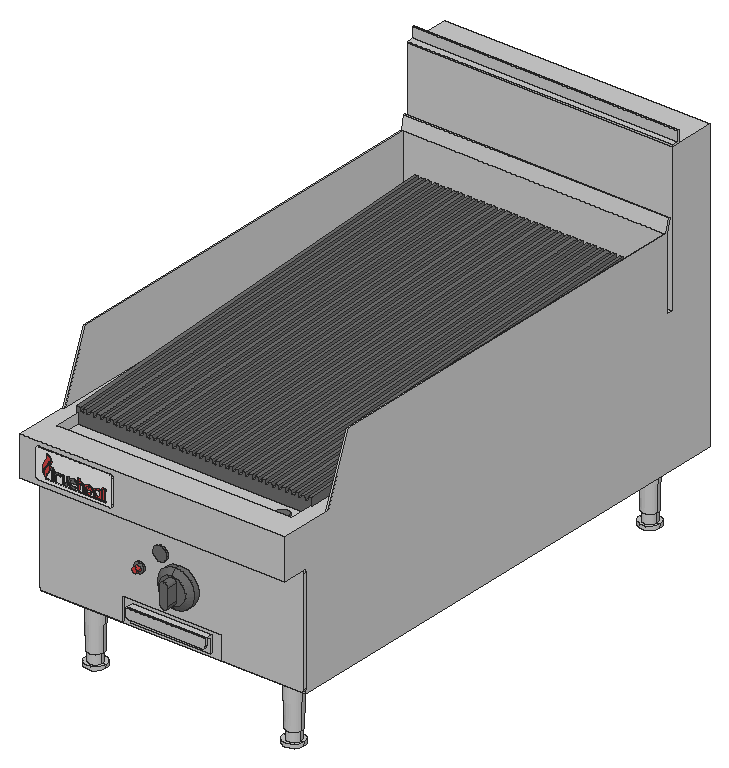
Revit family "QF_COMCATER ALL BRANDS_RCB4", category Specialty Equipment, Revit 2014
Parameters (values of type "RCB4_LPG")
  URL Cutsheet = ""
  URL = ""
  Type Comments = "The Australian owned and designed* Trueheat RC Series of Gas Cooking Equipment has been developed for the restaurant and cafe market with a high quality finish, designed to fulfill the busy demands within a commercial kitchen.\r\nOur team of professionals have designed and engineered the ultimate barbecue by incorporating premium infrared technology. Heavy duty cast iron radiant hoods over powerful gas burners radiate heat to the grates are reversible for angled or flat operation.\r\n100% Flame failure controls included as standard. Piezo ignition included as standard."
  Status [instance] = ""
  Specification by User [instance] = ""
  Specification by Manufacturer [instance] = ""
  Seismic Rating = ""
  SMACNA No = ""
  Revision Code [instance] = ""
  Nominal Gas power = 7100 W
  NAFEM Spec ID Number = ""
  Model = "RCB4"
  Mechanical Connection Type [instance] = " "
  Masterspec = ""
  Manufacturer = "TRUEHEAT"
  Length Actual = 400 mm
  Item Number [instance] = ""
  Installed By [instance] = ""
  Identify Quantity as Lot [instance] = no
  Height Actual = 455 mm
  Gas power kW = 7.1
  Gas Size Flexible = 0 mm
  Gas Size = 19.05 mm
  Gas RI Height [instance] = 0 mm
  Gas Flow = 0.0 L/s
  Gas Connection Height [instance] = 150 mm
  Furnished By [instance] = ""
  Foodservice Equipment Identifier [instance] = yes
  Description = "GAS BARBECUE TOP"
  Depth Actual = 803 mm
  CSI MasterFormat = ""
  BTUH = 7100 W
  Assembly Code = "E1090320"
  Accessory = no
Types (2, lengths in mm): name | Nominal Gas power | Gas power kW | BTUH
  RCB4_Natural Gas | 7800 W | 7.8 | 7800 W
  RCB4_LPG | 7100 W | 7.1 | 7100 W
Reference planes
  plane 1 "Center (Front/Back)": y = 0
  plane 2: z = 0
  plane 3 "Center (Left/Right)": x = 0
Forms (mm)
  Extrusion 1, solid
    sketch origin (110, 0, 150) x (1, 0, 0) y (0, 1, 0)
      loop
        line (0, 0) -> (2, 0) -> (2, 2) -> (0, 2) -> (0, 0)
    from 0 to 2
Dimensions and locks
  aligned and locked: level to plane 2
Nested families
  nested 1: "QF_COMCATER ALL BRANDS_RCB4_Natural Gas" at (0, 0, 100), type "RCB4_Natural Gas"
    with Show Logo yes, Show Clearance yes
  nested 2: "QF_COMCATER_B05002-400" at (0, 0, 0), type "B05002-400"
    with Show Logo yes, Show Clearance yes
Connectors
  piping at (111, 2, 151), diameter 19.05, driven by "Gas Size", driven by "Gas Flow"
    settings: on Extrusion 1, index 1, connector inside diameter 609.6 mm, connector length 0 mm, flow factor 0, pipe flow 0.0 L/s, pressure drop 0.0 Pa, fitting loss kfactor 0, connector angle 0.00°, fixture units 0, engagement length 0 mm, angle of deflection 0.00°, flow configuration 1, flow direction 1, fitting loss method 0, system type 22, joint type 0, gender type 0, connector reference index -1, connector utility 0, adjustable connector no, is connector primary yes, connector description "Gas connection for 'RCB4'"
Definition of nested family "QF_COMCATER ALL BRANDS_RCB4_Natural Gas"
  Parameters (values of type "RCB4_Natural Gas")
    URL = "www.comcater.com.au"
    Show Logo [instance] = yes
    Show Clearance [instance] = yes
    Model = "RCB4"
    Manufacturer = "TRUEHEAT"
    Description = "GAS BARBECUE TOP"
    Assembly Code = "E1090320"
  Reference planes
    plane 1 "Back": y = 0
    plane 2: z = 0
    plane 3 "Left": x = 0
    plane 4 "Right": x = 400
    plane 5 "Front": y = -803
    plane 6 "Top": z = 455
  Forms (mm)
    Extrusion 1, solid
      sketch origin (0, 0, 2.5) x (0, 1, 0) y (0, 0, 1)
        loop
          line (0, 435) -> (-70, 435) -> (-70, 212.5) -> (-762.176, 212.5) -> (-762.176, 227.5) -> (-803, 227.5) -> (-803, 167.5) -> (-763, 167.5) -> (-763, -2.5) -> (0, -2.5) -> (0, 435)
      from 0 to 400
    Extrusion 2, solid
      sketch origin (0, 0, 2.5) x (0, 1, 0) y (0, 0, 1)
        loop
          line (-77.071, 341.25) -> (-82.176, 322.195) -> (-82.176, 197.5) -> (-80.176, 197.5) -> (-80.176, 321.931) -> (-75, 341.25) -> (-77.071, 341.25)
      from 0 to 400
    Extrusion 3, solid
      sketch origin (0, 0, 2.5) x (0, 1, 0) y (0, 0, 1)
        loop
          line (-82.176, 322.195) -> (-682.176, 322.195) -> (-722.176, 227.5) -> (-762.176, 227.5) -> (-762.176, 212.5) -> (-82.176, 212.5) -> (-82.176, 322.195)
      from 0 to 2
    Extrusion 4, solid
      sketch origin (398, 0, 2.5) x (0, 1, 0) y (0, 0, 1)
        loop
          line (-82.176, 322.195) -> (-682.176, 322.195) -> (-722.176, 227.5) -> (-762.176, 227.5) -> (-762.176, 212.5) -> (-82.176, 212.5) -> (-82.176, 322.195)
      from 0 to 2
    Extrusion 5, solid
      sketch origin (-4.5, -348.59, 6.767) x (1, 0, 0) y (0, -0.052336, 0.99863)
        loop
          line (27, 227.5) -> (382, 227.5) -> (382, 252.5) -> (377, 252.5) -> (377, 247.5) -> (372, 247.5) -> (372, 252.5) -> (367, 252.5) -> (367, 247.5) -> (362, 247.5) -> (362, 252.5) -> (357, 252.5) -> (357, 247.5) -> (352, 247.5) -> (352, 252.5) -> (347, 252.5) -> (347, 247.5) -> (342, 247.5) -> (342, 252.5) -> (337, 252.5) -> (337, 247.5) -> (332, 247.5) -> (332, 252.5) -> (327, 252.5) -> (327, 247.5) -> (322, 247.5) -> (322, 252.5) -> (317, 252.5) -> (317, 247.5) -> (312, 247.5) -> (312, 252.5) -> (307, 252.5) -> (307, 247.5) -> (302, 247.5) -> (302, 252.5) -> (297, 252.5) -> (297, 247.5) -> (292, 247.5) -> (292, 252.5) -> (287, 252.5) -> (287, 247.5) -> (282, 247.5) -> (282, 252.5) -> (277, 252.5) -> (277, 247.5) -> (272, 247.5) -> (272, 252.5) -> (267, 252.5) -> (267, 247.5) -> (262, 247.5) -> (262, 252.5) -> (257, 252.5) -> (257, 247.5) -> (252, 247.5) -> (252, 252.5) -> (247, 252.5) -> (247, 247.5) -> (242, 247.5) -> (242, 252.5) -> (237, 252.5) -> (237, 247.5) -> (232, 247.5) -> (232, 252.5) -> (227, 252.5) -> (227, 247.5) -> (222, 247.5) -> (222, 252.5) -> (217, 252.5) -> (217, 247.5) -> (212, 247.5) -> (212, 252.5) -> (207, 252.5) -> (207, 247.5) -> (202, 247.5) -> (202, 252.5) -> (197, 252.5) -> (197, 247.5) -> (192, 247.5) -> (192, 252.5) -> (187, 252.5) -> (187, 247.5) -> (182, 247.5) -> (182, 252.5) -> (177, 252.5) -> (177, 247.5) -> (172, 247.5) -> (172, 252.5) -> (167, 252.5) -> (167, 247.5) -> (162, 247.5) -> (162, 252.5) -> (157, 252.5) -> (157, 247.5) -> (152, 247.5) -> (152, 252.5) -> (147, 252.5) -> (147, 247.5) -> (142, 247.5) -> (142, 252.5) -> (137, 252.5) -> (137, 247.5) -> (132, 247.5) -> (132, 252.5) -> (127, 252.5) -> (127, 247.5) -> (122, 247.5) -> (122, 252.5) -> (117, 252.5) -> (117, 247.5) -> (112, 247.5) -> (112, 252.5) -> (107, 252.5) -> (107, 247.5) -> (102, 247.5) -> (102, 252.5) -> (97, 252.5) -> (97, 247.5) -> (92, 247.5) -> (92, 252.5) -> (87, 252.5) -> (87, 247.5) -> (82, 247.5) -> (82, 252.5) -> (77, 252.5) -> (77, 247.5) -> (72, 247.5) -> (72, 252.5) -> (67, 252.5) -> (67, 247.5) -> (62, 247.5) -> (62, 252.5) -> (57, 252.5) -> (57, 247.5) -> (52, 247.5) -> (52, 252.5) -> (47, 252.5) -> (47, 247.5) -> (42, 247.5) -> (42, 252.5) -> (37, 252.5) -> (37, 247.5) -> (32, 247.5) -> (32, 252.5) -> (27, 252.5) -> (27, 227.5)
      from -276.488 to 362.176
    Extrusion 6, solid
      sketch origin (0, 0, 2.5) x (1, 0, 0) y (0, 1, 0)
        loop
          line (22.5, -762.176) -> (22.5, -92.176) -> (377.5, -92.176) -> (377.5, -762.176) -> (398, -762.176) -> (398, -82.176) -> (2, -82.176) -> (2, -762.176) -> (22.5, -762.176)
      from 212.5 to 227.5
    Revolve 7, solid
      sketch origin (151.662, -3, -56.377) x (0, 1, 0) y (0, 0, 1)
        loop
          line (-763, 142.627) -> (-763, 150.127) -> (-765.011, 150.127) -> (-767, 146.627) -> (-767, 142.627) -> (-763, 142.627)
        axis (-767, 142.627) -> (-763, 142.627)
      angle from 0 to 360
    Extrusion 8, solid
      sketch origin (151.662, -3, -56.377) x (1, 0, 0) y (0, 0, 1)
        loop
          circle (0, 142.627) r 4
      from 772.997 to 767
    Extrusion 9, solid
      sketch origin (-50.607, 37, 25) x (1, 0, 0) y (0, 0, 1)
        loop
          circle (234.162, 91.25) r 10.607
      from 803 to 805
    Extrusion 10, solid
      sketch origin (0, -763, 2.5) x (1, 0, 0) y (0, 0, 1)
        loop
          line (0, 162.5) -> (0, 5)
          arc (0, 5) -> (1.464, 1.464) -> (5, 0) r 5
          line (5, 0) -> (125, 0) -> (125, 35) -> (275, 35) -> (275, 0) -> (395, 0)
          arc (395, 0) -> (398.536, 1.464) -> (400, 5) r 5
          line (400, 5) -> (400, 162.5)
          arc (400, 162.5) -> (398.536, 166.036) -> (395, 167.5) r 5
          line (395, 167.5) -> (5, 167.5)
          arc (5, 167.5) -> (1.464, 166.036) -> (0, 162.5) r 5
      from 0 to 3
    Extrusion 11, solid, visible <- "Show Logo"
      sketch origin (30, -802.5, 9.763) x (1, 0, 0) y (0, 0, 1)
        loop
          line (98.5, 191.841) -> (96.5, 191.841) -> (96.5, 189.798) -> (95.026, 189.798) -> (95.026, 187.798) -> (96.5, 187.798) -> (96.5, 175.237) -> (98.5, 175.237) -> (98.5, 187.798) -> (100, 187.798) -> (100, 189.798) -> (98.5, 189.798) -> (98.5, 191.841)
        loop
          line (94, 187.798) -> (92, 187.798) -> (92, 186.56)
          arc (92, 186.56) -> (81.976, 181.518) -> (92, 176.475) r 6.28
          line (92, 176.475) -> (92, 175.237) -> (94, 175.237) -> (94, 187.798)
        loop
          arc (92, 183.592) -> (83.976, 181.518) -> (92, 179.443) r 4.28
          line (92, 179.443) -> (92, 183.592)
        loop
          line (65.446, 184.298) -> (65.446, 175.237) -> (67.446, 175.237) -> (67.446, 184.729)
          arc (67.446, 184.729) -> (64.497, 187.542) -> (60.446, 187.101) r 4.833
          line (60.446, 187.101) -> (60.446, 191.841) -> (58.446, 191.841) -> (58.446, 175.237) -> (60.446, 175.237) -> (60.446, 184.298)
          arc (60.446, 184.298) -> (62.946, 185.798) -> (65.446, 184.298) r 2.833
        loop
          arc (80.998, 181.518) -> (69.107, 184.34) -> (78.461, 176.475) r 6.28
          line (78.461, 176.475) -> (77.269, 178.081)
          arc (77.269, 178.081) -> (72.794, 177.694) -> (70.437, 181.518) r 4.28
          line (70.437, 181.518) -> (80.998, 181.518)
        loop
          arc (78.502, 183.518) -> (74.717, 185.798) -> (70.933, 183.518) r 4.28
          line (70.933, 183.518) -> (78.502, 183.518)
      from 0 to 2
    Extrusion 12, solid, visible <- "Show Logo"
      sketch origin (14.146, -802.5, 9.763) x (1, 0, 0) y (0, 0, 1)
        loop
          arc (70.804, 183.518) -> (67.02, 185.798) -> (63.236, 183.518) r 4.28
          line (63.236, 183.518) -> (70.804, 183.518)
        loop
          arc (73.3, 181.518) -> (61.409, 184.34) -> (70.764, 176.475) r 6.28
          line (70.764, 176.475) -> (69.572, 178.081)
          arc (69.572, 178.081) -> (65.096, 177.694) -> (62.74, 181.518) r 4.28
          line (62.74, 181.518) -> (73.3, 181.518)
        loop
          line (34.617, 191.841) -> (34.617, 189.798) -> (33.143, 189.798) -> (33.143, 187.798) -> (34.617, 187.798) -> (34.617, 175.237) -> (36.617, 175.237) -> (36.617, 187.798) -> (38.117, 187.798) -> (38.117, 189.798) -> (36.617, 189.798) -> (36.617, 191.841) -> (34.617, 191.841)
        loop
          arc (57.696, 178.737) -> (55.196, 177.237) -> (52.696, 178.737) r 2.833
          line (52.696, 178.737) -> (52.696, 187.798) -> (50.696, 187.798) -> (50.696, 178.307)
          arc (50.696, 178.307) -> (55.196, 175.237) -> (59.696, 178.307) r 4.833
          line (59.696, 178.307) -> (59.696, 187.798) -> (57.696, 187.798) -> (57.696, 178.737)
        loop
          line (41.117, 186.56) -> (41.117, 187.798) -> (39.117, 187.798) -> (39.117, 175.237) -> (41.117, 175.237) -> (41.117, 183.592)
          arc (41.117, 183.592) -> (44.587, 185.789) -> (48.31, 184.053) r 4.28
          line (48.31, 184.053) -> (49.735, 185.478)
          arc (49.735, 185.478) -> (45.643, 187.749) -> (41.117, 186.56) r 6.28
      from 0 to 2
    Extrusion 13, solid, visible <- "Show Logo"
      sketch origin (0, -802.5, 7.5) x (1, 0, 0) y (0, 0, 1)
        loop
          line (130, 176.5) -> (40, 176.5) -> (40, 175.5) -> (130, 175.5) -> (130, 176.5)
        loop
          arc (40, 177.5) -> (40.603, 181.061) -> (42.43, 184.177) r 10.013
          arc (42.43, 184.177) -> (44.457, 187.03) -> (45.914, 190.212) r 18.627
          arc (45.914, 190.212) -> (46.43, 193.956) -> (45.458, 197.608) r 9.58
          arc (45.458, 197.608) -> (44.352, 194.23) -> (41.979, 191.583) r 8.629
          arc (41.979, 191.583) -> (38.017, 184.959) -> (40, 177.5) r 9.924
        loop
          arc (39.054, 199.801) -> (35.351, 191.043) -> (36.701, 181.631) r 17.746
          arc (36.701, 181.631) -> (36.715, 187.191) -> (39.483, 192.014) r 10.848
          arc (39.483, 192.014) -> (42.461, 196.051) -> (44.165, 200.77) r 17.413
          arc (44.165, 200.77) -> (46.042, 199.588) -> (47.328, 197.781) r 5.718
          arc (47.328, 197.781) -> (46.772, 205.563) -> (40.995, 210.808) r 10.489
          arc (40.995, 210.808) -> (41.42, 205.059) -> (39.054, 199.801) r 11.727
      from 0 to 2
    Extrusion 14, solid, visible <- "Show Logo"
      sketch origin (0, -802, 7.5) x (1, 0, 0) y (0, 0, 1)
        loop
          line (29.373, 170.5) -> (135, 170.5)
          arc (135, 170.5) -> (138.536, 171.964) -> (140, 175.5) r 5
          line (140, 175.5) -> (140, 210.808)
          arc (140, 210.808) -> (138.536, 214.344) -> (135, 215.808) r 5
          line (135, 215.808) -> (29.373, 215.808)
          arc (29.373, 215.808) -> (25.837, 214.344) -> (24.373, 210.808) r 5
          line (24.373, 210.808) -> (24.373, 175.5)
          arc (24.373, 175.5) -> (25.837, 171.964) -> (29.373, 170.5) r 5
      from 0 to 2
    Extrusion 15, solid
      sketch origin (-30, 20, 215) x (1, 0, 0) y (0, 1, 0)
        loop
          circle (377.5, -762.176) r 10
      from 0 to 2
    Extrusion 16, solid
      sketch origin (110, 10, 52.5) x (1, 0, 0) y (0, 0, 1)
        loop
          circle (0, 0) r 9.3
      from 0 to 10
    Extrusion 17, solid
      sketch origin (117.5, -776, 2.5) x (1, 0, 0) y (0, 0, 1)
        loop
          arc (22.5, 20) -> (23.964, 16.464) -> (27.5, 15) r 5
          line (27.5, 15) -> (137.5, 15)
          arc (137.5, 15) -> (141.036, 16.464) -> (142.5, 20) r 5
          line (142.5, 20) -> (142.5, 30) -> (22.5, 30) -> (22.5, 20)
      from 0 to 2
    Revolve 18, solid
      sketch origin (217.5, 13, -489.263) x (0, 1, 0) y (0, 0, -1)
        loop
          line (-786.003, -575.513) -> (-786.003, -547.176) -> (-793.012, -547.176) -> (-801, -555.163) -> (-801, -575.513) -> (-786.003, -575.513)
        axis (-786.003, -575.513) -> (-801, -575.513)
      angle from 0 to 360
    Extrusion 19, solid
      sketch origin (590.181, -775, -1413.928) x (0.707107, 0, -0.707107) y (-0.707107, 0, -0.707107)
        loop
          line (-1328.297, -810.227) -> (-1311.344, -793.275)
          arc (-1311.344, -793.275) -> (-1311.344, -784.294) -> (-1320.325, -784.294) r 6.35
          line (-1320.325, -784.294) -> (-1337.277, -801.247)
          arc (-1337.277, -801.247) -> (-1337.277, -810.227) -> (-1328.297, -810.227) r 6.35
      from -13 to -28
    Extrusion 20, solid
      sketch origin (109.162, 0, -680) x (1, 0, 0) y (0, 0, 1)
        loop
          circle (108.338, 766.25) r 8
      from 766 to 773.003
    Extrusion 21, solid
      sketch origin (282.5, 0, 2.5) x (0, 1, 0) y (0, 0, -1)
        loop
          line (-776, -30) -> (-766, -30) -> (-766, -4.971) -> (-768.029, -4.971) -> (-768.029, -27.971) -> (-776, -27.971) -> (-776, -30)
      from 22.5 to 142.5
    Extrusion 22, solid, visible <- "Show Clearance", detail levels coarse
      sketch origin (25, 0, 2.5) x (0, 1, 0) y (0, 0, 1)
        loop
          line (-768.029, 4.971) -> (-768.029, 30) -> (-1196, 30) -> (-1196, 4.971) -> (-768.029, 4.971)
      from 115 to 235
    Extrusion 23, solid
      sketch origin (0, -23, 2.5) x (0, 1, 0) y (0, 0, 1)
        loop
          line (-47, 435) -> (-35, 435) -> (-35, 452.5) -> (-37, 452.5) -> (-37, 437) -> (-47, 437) -> (-47, 435)
      from 0 to 400
    Extrusion 24, solid, visible <- "Show Clearance", detail levels coarse
      sketch origin (0, 27, 2.5) x (1, 0, 0) y (0, 1, 0)
        loop
          line (650, 123) -> (-250, 123) -> (-250, -830) -> (0, -830) -> (0, -27) -> (400, -27) -> (400, -830) -> (650, -830) -> (650, 123)
      from -2.5 to 452.5
  Cuts and joins
    joined: Extrusion 1, Extrusion 2, Extrusion 3, Extrusion 4, Extrusion 6
  Lines and regions (mm)
    symbolic lines, style "200-EquipBorder-2D"
      curve 1: line (0, 0, 0) -> (400, 0, 0)
      curve 2: line (400, 0, 0) -> (400, -803, 0)
      curve 3: line (400, -803, 0) -> (0, -803, 0)
      curve 4: line (0, -803, 0) -> (0, 0, 0)
      curve 38: line (100.7, 10, 0) -> (119.3, 10, 0)
      curve 39: line (119.3, 10, 0) -> (119.3, 0, 0)
      curve 40: line (100.7, 10, 0) -> (100.7, 0, 0)
      curve 50: line (0, -70, 0) -> (400, -70, 0)
    symbolic lines, style "200-EquipInternal-2D"
      curve 5: line (398, -722.176, 0) -> (400, -722.176, 0)
      curve 6: line (398, -722.176, 0) -> (398, -82.176, 0)
      curve 7: line (398, -82.176, 0) -> (2, -82.176, 0)
      curve 8: line (2, -82.176, 0) -> (2, -722.176, 0)
      curve 9: line (2, -722.176, 0) -> (0, -722.176, 0)
      curve 10: line (22.5, -762.176, 0) -> (377.5, -762.176, 0)
      curve 11: line (377.5, -762.176, 0) -> (377.5, -84.387, 0)
      curve 12: line (377.5, -84.387, 0) -> (22.5, -84.387, 0)
      curve 13: line (22.5, -84.387, 0) -> (22.5, -762.176, 0)
      curve 14: line (37.5, -723.485, 0) -> (37.5, -84.387, 0)
      curve 15: line (52.5, -84.387, 0) -> (52.5, -723.485, 0)
      curve 16: line (67.5, -723.485, 0) -> (67.5, -84.387, 0)
      curve 17: line (82.5, -84.387, 0) -> (82.5, -723.485, 0)
      curve 18: line (97.5, -723.485, 0) -> (97.5, -84.387, 0)
      curve 19: line (112.5, -84.387, 0) -> (112.5, -723.485, 0)
      curve 20: line (127.5, -723.485, 0) -> (127.5, -84.387, 0)
      curve 21: line (142.5, -84.387, 0) -> (142.5, -723.485, 0)
      curve 22: line (157.5, -723.485, 0) -> (157.5, -84.387, 0)
      curve 23: line (172.5, -84.387, 0) -> (172.5, -723.485, 0)
      curve 24: line (187.5, -723.485, 0) -> (187.5, -84.387, 0)
      curve 25: line (202.5, -84.387, 0) -> (202.5, -723.485, 0)
      curve 26: line (217.5, -723.485, 0) -> (217.5, -84.387, 0)
      curve 27: line (232.5, -84.387, 0) -> (232.5, -723.485, 0)
      curve 28: line (247.5, -723.485, 0) -> (247.5, -84.387, 0)
      curve 29: line (262.5, -84.387, 0) -> (262.5, -723.485, 0)
      curve 30: line (277.5, -723.485, 0) -> (277.5, -84.387, 0)
      curve 31: line (367.5, -723.485, 0) -> (367.5, -84.387, 0)
      curve 32: line (352.5, -84.387, 0) -> (352.5, -723.485, 0)
      curve 33: line (337.5, -723.485, 0) -> (337.5, -84.387, 0)
      curve 34: line (322.5, -84.387, 0) -> (322.5, -723.485, 0)
      curve 35: line (307.5, -723.485, 0) -> (307.5, -84.387, 0)
      curve 36: line (292.5, -84.387, 0) -> (292.5, -723.485, 0)
      curve 37: circle (347.5, -742.176, 0) r 10 normal (0, 0, 1)
      curve 47: line (22.5, -723.485, 0) -> (377.5, -723.485, 0)
      curve 48: line (400, -58, 0) -> (0, -58, 0)
      curve 49: line (0, -60, 0) -> (400, -60, 0)
    symbolic lines, style "QF_Door-Drawer Clearances", visible <- "Show Clearance"
      curve 41: line (140, -1196, 0) -> (140, -803, 0)
      curve 42: line (140, -1196, 0) -> (260, -1196, 0)
      curve 43: line (260, -1196, 0) -> (260, -803, 0)
    symbolic lines, style "QF_Clearances", visible <- "Show Clearance"
      curve 44: line (-250, -803, 0) -> (-250, 150, 0)
      curve 45: line (-250, 150, 0) -> (650, 150, 0)
      curve 46: line (650, 150, 0) -> (650, -803, 0)
  Dimensions and locks
    plane 1 "Back" to plane 5 "Front" = 803 mm
    plane 6 "Top" to level = 455 mm  (x2)
    plane 3 "Left" to plane 4 "Right" = 400 mm
    plane 5 "Front" to plane 1 "Back" = 803 mm
    aligned and locked: level to plane 2
  Connectors
    piping at (110, 10, 52.5), diameter 19
      settings: on Extrusion 16, index 1, connector inside diameter 609.6 mm, connector length 0 mm, flow factor 0, pipe flow 0.0 L/s, pressure drop 0.0 Pa, fitting loss kfactor 0, connector angle 0.00°, fixture units 0, engagement length 0 mm, angle of deflection 0.00°, flow configuration 1, flow direction 1, fitting loss method 0, system type 22, joint type 0, gender type 0, connector reference index -1, connector utility 0, adjustable connector no, is connector primary yes, connector description "Gas Inlet"
Definition of nested family "QF_COMCATER_B05002-400"
  Parameters (values of type "B05002-400")
    URL = ""
    Type Comments = ""
    Show Logo [instance] = yes
    Show Clearance [instance] = yes
    Model = "B05002"
    Manufacturer = "TRUEHEAT"
    Length Actual = 400 mm
    Height Actual = 100 mm
    Description = "ADJUSTABLE LEG FOR RCT COUNTERTOP MOUNTING 400MM"
    Depth Actual = 803 mm
    Assembly Code = "E1090320"
    Accessory = yes
  Reference planes
    plane 1 "Back": y = 0
    plane 2: z = 0
    plane 3 "Left": x = 0
    plane 4 "Right": x = 400
    plane 5 "Front": y = -803
    plane 6 "Top": z = 100
  Forms (mm)
    Revolve 1, solid
      sketch origin (0, -50, 0) x (1, 0, 0) y (0, 0, 1)
        loop
          line (50, 0) -> (65.5, 0) -> (65.5, 5) -> (60, 5) -> (60, 20) -> (62, 20) -> (63.5, 95) -> (65.5, 95) -> (65.5, 100) -> (50, 100) -> (50, 0)
        axis (50, 0) -> (50, 100)
      angle from 0 to 360
    Revolve 2, solid
      sketch origin (0, -723, 0) x (1, 0, 0) y (0, 0, -1)
        loop
          line (50, 0) -> (50, -100) -> (65.5, -100) -> (65.5, -95) -> (63.5, -95) -> (62, -20) -> (60, -20) -> (60, -5) -> (65.5, -5) -> (65.5, 0) -> (50, 0)
        axis (50, 0) -> (50, -100)
      angle from 0 to 360
    Revolve 3, solid
      sketch origin (400, -50, 0) x (-1, 0, 0) y (0, 0, -1)
        loop
          line (50, 0) -> (50, -100) -> (65.5, -100) -> (65.5, -95) -> (63.5, -95) -> (62, -20) -> (60, -20) -> (60, -5) -> (65.5, -5) -> (65.5, 0) -> (50, 0)
        axis (50, 0) -> (50, -100)
      angle from 0 to 360
    Revolve 4, solid
      sketch origin (400, -723, 0) x (-1, 0, 0) y (0, 0, 1)
        loop
          line (50, 0) -> (65.5, 0) -> (65.5, 5) -> (60, 5) -> (60, 20) -> (62, 20) -> (63.5, 95) -> (65.5, 95) -> (65.5, 100) -> (50, 100) -> (50, 0)
        axis (50, 0) -> (50, 100)
      angle from 0 to 360
  Dimensions and locks
    plane 5 "Front" to plane 1 "Back" = 803 mm
    plane 6 "Top" to level = 100 mm
    plane 3 "Left" to plane 4 "Right" = 400 mm
    aligned and locked: level to plane 2
